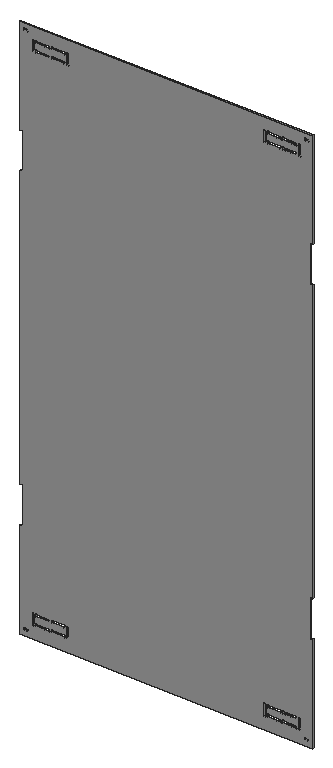
Revit family "ITK by ZPAS_ Панель разделительная боковая_ 42U-47U", category Обобщенные модели, Revit 2019
Family settings
  Может служить основой для арматурных стержней = Нет
  Размер круглого соединителя = Использовать диаметр
  Тип детали = Нормальный
  На основе рабочей плоскости = Нет
  Всегда вертикально = Да
  При загрузке вырезать с полостями = Нет
  Общий = Нет
  Точка расчета площади = Нет
Parameters (values of type "В2250хШ1200хЧерная")
  Ширина = 1200 mm
  Установочная глубина для монтажа шкафа = 1200 mm
  Степень защиты = ""
  Материал = Окраска - RAL 9005
  Изготовитель = "ITK"  # constant formula
  Дата изменения = ""
  Тип монтажа = ""  # constant formula
  Высота = 2250 mm
  URL = "https://www.iek.ru/"
  KSI_CPr_Строительные изделия = "61.1.04.08"  # constant formula
  KSI_CMa_Строительные материалы = "10.03.02.06"  # constant formula
  IEK_Цена за единицу = 27617.83
  IEK_Поиск в таблице имен = ""
  IEK_Описание = "Панели-перегородки между шкафами можно установить на любом этапе эксплуатации. Содержит четыре кабельных отверстия 150x45 мм, закрытых выламываемыми заглушками, и четыре выреза под пластины для соединения шкафов. Специально изогнутые края нижней и боковых сторон перегородки облегчают ее установку между каркасами соседних шкафов. Расстояние между шкафами, необходимое для установки перегородки, составляет всего лишь 2 мм. Перегородка доступна в двух вариантах, отличающихся высотой: - перегородка типа C – для шкафов на ножках; - перегородка типа D – для шкафов без ножек."
  IEK_URL = "https://www.itk-group.ru/produktsiya/catalog/oborudovanie_telekommunikatsionnoe/kompleksnye_resheniya_dlya_tsod/shkafy_i_aksessuary_dlya_tsod/komplektuyushchie_i_aksessuary_dlya_shkafov_itk_by_zpas/paneli_peregorodki_itk_by_zpas/itk_by_zpas_panel_razdelitelnaya_bokovaya_47u_tip_d_1200_chernaya"
  ADSK_Примечание = ""
  ADSK_Позиция [instance] = ""
  ADSK_Наименование = "ITK by ZPAS Панель разделительная боковая 47U тип D 1200 черная"
  ADSK_Материал обозначение = ""
  ADSK_Материал наименование = "Листовая сталь"  # constant formula
  ADSK_Масса = 36.5
  ADSK_Марка = "by ZPAS"  # constant formula
  ADSK_Код изделия = "ZP-SP05-47U-D-1200"
  ADSK_Завод-изготовитель = "IEK"  # constant formula
  ADSK_Единица измерения = "шт"  # constant formula
  ADSK_Группирование = "I. ЩИТЫ И ПУЛЬТЫ"  # constant formula
  ADSK_Версия семейства = "1.0"  # constant formula
  ADSK_Версия Revit = "2019"  # constant formula
  ADSK_URL страницы изделия = "https://www.itk-group.ru/produktsiya/catalog/oborudovanie_telekommunikatsionnoe/kompleksnye_resheniya_dlya_tsod/shkafy_i_aksessuary_dlya_tsod/komplektuyushchie_i_aksessuary_dlya_shkafov_itk_by_zpas/paneli_peregorodki_itk_by_zpas/?pagec=100"
Types (24, lengths in mm): name | Ширина | Установочная глубина для монтажа шкафа | Материал | Высота | IEK_Цена за единицу | IEK_URL | ADSK_Наименование | ADSK_Масса | ADSK_Код изделия
  В2000хШ1000хЧерная | 1000 | 1000 | Окраска - RAL 9005 | 2000 | 21821.54 | "https://www.itk-group.ru/produktsiya/catalog/oborudovanie_telekommunikatsionnoe/kompleksnye_resheniya_dlya_tsod/shkafy_i_aksessuary_dlya_tsod/komplektuyushchie_i_aksessuary_dlya_shkafov_itk_by_zpas/paneli_peregorodki_itk_by_zpas/itk_by_zpas_panel_razdelitelnaya_bokovaya_42u_tip_c_1000_chernaya" | "ITK by ZPAS Панель разделительная боковая 42U тип C 1000 черная" | 33.5 | "ZP-SP05-42U-C-1000"
  В2000хШ1200хЧерная | 1200 | 1200 | Окраска - RAL 9005 | 2000 | 24065.64 | "https://www.itk-group.ru/produktsiya/catalog/oborudovanie_telekommunikatsionnoe/kompleksnye_resheniya_dlya_tsod/shkafy_i_aksessuary_dlya_tsod/komplektuyushchie_i_aksessuary_dlya_shkafov_itk_by_zpas/paneli_peregorodki_itk_by_zpas/itk_by_zpas_panel_razdelitelnaya_bokovaya_42u_tip_c_1200_chernaya" | "ITK by ZPAS Панель разделительная боковая 42U тип C 1200 черная" | 34.5 | "ZP-SP05-42U-C-1200"
  В2050хШ1000хЧерная | 1000 | 1000 | Окраска - RAL 9005 | 2050 | 21760.6 | "https://www.itk-group.ru/produktsiya/catalog/oborudovanie_telekommunikatsionnoe/kompleksnye_resheniya_dlya_tsod/shkafy_i_aksessuary_dlya_tsod/komplektuyushchie_i_aksessuary_dlya_shkafov_itk_by_zpas/paneli_peregorodki_itk_by_zpas/itk_by_zpas_panel_razdelitelnaya_bokovaya_42u_tip_d_1000_chernaya" | "ITK by ZPAS Панель разделительная боковая 42U тип D 1000 черная" | 33.5 | "ZP-SP05-42U-D-1000"
  В2050хШ1200хЧерная | 1200 | 1200 | Окраска - RAL 9005 | 2050 | 24100.96 | "https://www.itk-group.ru/produktsiya/catalog/oborudovanie_telekommunikatsionnoe/kompleksnye_resheniya_dlya_tsod/shkafy_i_aksessuary_dlya_tsod/komplektuyushchie_i_aksessuary_dlya_shkafov_itk_by_zpas/paneli_peregorodki_itk_by_zpas/itk_by_zpas_panel_razdelitelnaya_bokovaya_42u_tip_d_1200_chernaya" | "ITK by ZPAS Панель разделительная боковая 42U тип D 1200 черная" | 34.5 | "ZP-SP05-42U-D-1200"
  В2120хШ1000хЧерная | 1000 | 1000 | Окраска - RAL 9005 | 2120 | 23319.5 | "https://www.itk-group.ru/produktsiya/catalog/oborudovanie_telekommunikatsionnoe/kompleksnye_resheniya_dlya_tsod/shkafy_i_aksessuary_dlya_tsod/komplektuyushchie_i_aksessuary_dlya_shkafov_itk_by_zpas/paneli_peregorodki_itk_by_zpas/itk_by_zpas_panel_razdelitelnaya_bokovaya_45u_tip_c_1000_chernaya" | "ITK by ZPAS Панель разделительная боковая 45U тип C 1000 черная" | 34.5 | "ZP-SP05-45U-C-1000"
  В2120хШ1200хЧерная | 1200 | 1200 | Окраска - RAL 9005 | 2120 | 26107.64 | "https://www.itk-group.ru/produktsiya/catalog/oborudovanie_telekommunikatsionnoe/kompleksnye_resheniya_dlya_tsod/shkafy_i_aksessuary_dlya_tsod/komplektuyushchie_i_aksessuary_dlya_shkafov_itk_by_zpas/paneli_peregorodki_itk_by_zpas/itk_by_zpas_panel_razdelitelnaya_bokovaya_45u_tip_c_1200_chernaya" | "ITK by ZPAS Панель разделительная боковая 45U тип C 1200 черная" | 35.5 | "ZP-SP05-45U-C-1200"
  В2170хШ1000хЧерная | 1000 | 1000 | Окраска - RAL 9005 | 2170 | 23319.5 | "https://www.itk-group.ru/produktsiya/catalog/oborudovanie_telekommunikatsionnoe/kompleksnye_resheniya_dlya_tsod/shkafy_i_aksessuary_dlya_tsod/komplektuyushchie_i_aksessuary_dlya_shkafov_itk_by_zpas/paneli_peregorodki_itk_by_zpas/itk_by_zpas_panel_razdelitelnaya_bokovaya_45u_tip_d_1000_chernaya" | "ITK by ZPAS Панель разделительная боковая 45U тип D 1000 черная" | 34.5 | "ZP-SP05-45U-D-1000"
  В2170хШ1200хЧерная | 1200 | 1200 | Окраска - RAL 9005 | 2170 | 26107.64 | "https://www.itk-group.ru/produktsiya/catalog/oborudovanie_telekommunikatsionnoe/kompleksnye_resheniya_dlya_tsod/shkafy_i_aksessuary_dlya_tsod/komplektuyushchie_i_aksessuary_dlya_shkafov_itk_by_zpas/paneli_peregorodki_itk_by_zpas/itk_by_zpas_panel_razdelitelnaya_bokovaya_45u_tip_d_1200_chernaya" | "ITK by ZPAS Панель разделительная боковая 45U тип D 1200 черная" | 35.5 | "ZP-SP05-45U-D-1200"
  В2200хШ1000хЧерная | 1000 | 1000 | Окраска - RAL 9005 | 2200 | 24365.89 | "https://www.itk-group.ru/produktsiya/catalog/oborudovanie_telekommunikatsionnoe/kompleksnye_resheniya_dlya_tsod/shkafy_i_aksessuary_dlya_tsod/komplektuyushchie_i_aksessuary_dlya_shkafov_itk_by_zpas/paneli_peregorodki_itk_by_zpas/itk_by_zpas_panel_razdelitelnaya_bokovaya_47u_tip_c_1000_chernaya" | "ITK by ZPAS Панель разделительная боковая 47U тип C 1000 черная" | 35.5 | "ZP-SP05-47U-C-1000"
  В2200хШ1200хЧерная | 1200 | 1200 | Окраска - RAL 9005 | 2200 | 27617.83 | "https://www.itk-group.ru/produktsiya/catalog/oborudovanie_telekommunikatsionnoe/kompleksnye_resheniya_dlya_tsod/shkafy_i_aksessuary_dlya_tsod/komplektuyushchie_i_aksessuary_dlya_shkafov_itk_by_zpas/paneli_peregorodki_itk_by_zpas/itk_by_zpas_panel_razdelitelnaya_bokovaya_47u_tip_c_1200_chernaya" | "ITK by ZPAS Панель разделительная боковая 47U тип C 1200 черная" | 36.5 | "ZP-SP05-47U-C-1200"
  В2250хШ1000хЧерная | 1000 | 1000 | Окраска - RAL 9005 | 2250 | 24365.89 | "https://www.itk-group.ru/produktsiya/catalog/oborudovanie_telekommunikatsionnoe/kompleksnye_resheniya_dlya_tsod/shkafy_i_aksessuary_dlya_tsod/komplektuyushchie_i_aksessuary_dlya_shkafov_itk_by_zpas/paneli_peregorodki_itk_by_zpas/itk_by_zpas_panel_razdelitelnaya_bokovaya_47u_tip_d_1000_chernaya" | "ITK by ZPAS Панель разделительная боковая 47U тип D 1000 черная" | 35.5 | "ZP-SP05-47U-D-1000"
  В2250хШ1200хЧерная | 1200 | 1200 | Окраска - RAL 9005 | 2250 | 27617.83 | "https://www.itk-group.ru/produktsiya/catalog/oborudovanie_telekommunikatsionnoe/kompleksnye_resheniya_dlya_tsod/shkafy_i_aksessuary_dlya_tsod/komplektuyushchie_i_aksessuary_dlya_shkafov_itk_by_zpas/paneli_peregorodki_itk_by_zpas/itk_by_zpas_panel_razdelitelnaya_bokovaya_47u_tip_d_1200_chernaya" | "ITK by ZPAS Панель разделительная боковая 47U тип D 1200 черная" | 36.5 | "ZP-SP05-47U-D-1200"
  В2000хШ1000хСерая | 1000 | 1000 | Окраска - RAL 7035 | 2000 | 21821.54 | "https://www.itk-group.ru/produktsiya/catalog/oborudovanie_telekommunikatsionnoe/kompleksnye_resheniya_dlya_tsod/shkafy_i_aksessuary_dlya_tsod/komplektuyushchie_i_aksessuary_dlya_shkafov_itk_by_zpas/paneli_peregorodki_itk_by_zpas/itk_by_zpas_panel_razdelitelnaya_bokovaya_42u_tip_c_1000_seraya" | "ITK by ZPAS Панель разделительная боковая 42U тип C 1000 серая" | 33.5 | "ZP-SP35-42U-C-1000"
  В2000хШ1200хСерая | 1200 | 1200 | Окраска - RAL 7035 | 2000 | 24065.64 | "https://www.itk-group.ru/produktsiya/catalog/oborudovanie_telekommunikatsionnoe/kompleksnye_resheniya_dlya_tsod/shkafy_i_aksessuary_dlya_tsod/komplektuyushchie_i_aksessuary_dlya_shkafov_itk_by_zpas/paneli_peregorodki_itk_by_zpas/itk_by_zpas_panel_razdelitelnaya_bokovaya_42u_tip_c_1200_seraya" | "ITK by ZPAS Панель разделительная боковая 42U тип C 1200 серая" | 34.5 | "ZP-SP35-42U-C-1200"
  В2050хШ1000хСерая | 1000 | 1000 | Окраска - RAL 7035 | 2050 | 21760.6 | "https://www.itk-group.ru/produktsiya/catalog/oborudovanie_telekommunikatsionnoe/kompleksnye_resheniya_dlya_tsod/shkafy_i_aksessuary_dlya_tsod/komplektuyushchie_i_aksessuary_dlya_shkafov_itk_by_zpas/paneli_peregorodki_itk_by_zpas/itk_by_zpas_panel_razdelitelnaya_bokovaya_42u_tip_d_1000_seraya" | "ITK by ZPAS Панель разделительная боковая 42U тип D 1000 серая" | 33.5 | "ZP-SP35-42U-D-1000"
  В2050хШ1200хСерая | 1200 | 1200 | Окраска - RAL 7035 | 2050 | 24100.96 | "https://www.itk-group.ru/produktsiya/catalog/oborudovanie_telekommunikatsionnoe/kompleksnye_resheniya_dlya_tsod/shkafy_i_aksessuary_dlya_tsod/komplektuyushchie_i_aksessuary_dlya_shkafov_itk_by_zpas/paneli_peregorodki_itk_by_zpas/itk_by_zpas_panel_razdelitelnaya_bokovaya_42u_tip_d_1200_seraya" | "ITK by ZPAS Панель разделительная боковая 42U тип D 1200 серая" | 34.5 | "ZP-SP35-42U-D-1200"
  В2120хШ1000хСерая | 1000 | 1000 | Окраска - RAL 7035 | 2120 | 23319.5 | "https://www.itk-group.ru/produktsiya/catalog/oborudovanie_telekommunikatsionnoe/kompleksnye_resheniya_dlya_tsod/shkafy_i_aksessuary_dlya_tsod/komplektuyushchie_i_aksessuary_dlya_shkafov_itk_by_zpas/paneli_peregorodki_itk_by_zpas/itk_by_zpas_panel_razdelitelnaya_bokovaya_45u_tip_c_1000_seraya" | "ITK by ZPAS Панель разделительная боковая 45U тип C 1000 серая" | 34.5 | "ZP-SP35-45U-C-1000"
  В2120хШ1200хСерая | 1200 | 1200 | Окраска - RAL 7035 | 2120 | 26107.64 | "https://www.itk-group.ru/produktsiya/catalog/oborudovanie_telekommunikatsionnoe/kompleksnye_resheniya_dlya_tsod/shkafy_i_aksessuary_dlya_tsod/komplektuyushchie_i_aksessuary_dlya_shkafov_itk_by_zpas/paneli_peregorodki_itk_by_zpas/itk_by_zpas_panel_razdelitelnaya_bokovaya_45u_tip_c_1200_seraya" | "ITK by ZPAS Панель разделительная боковая 45U тип C 1200 серая" | 35.5 | "ZP-SP35-45U-C-1200"
  В2170хШ1000хСерая | 1000 | 1000 | Окраска - RAL 7035 | 2170 | 23319.5 | "https://www.itk-group.ru/produktsiya/catalog/oborudovanie_telekommunikatsionnoe/kompleksnye_resheniya_dlya_tsod/shkafy_i_aksessuary_dlya_tsod/komplektuyushchie_i_aksessuary_dlya_shkafov_itk_by_zpas/paneli_peregorodki_itk_by_zpas/itk_by_zpas_panel_razdelitelnaya_bokovaya_45u_tip_d_1000_seraya" | "ITK by ZPAS Панель разделительная боковая 45U тип D 1000 серая" | 34.5 | "ZP-SP35-45U-D-1000"
  В2170хШ1200хСерая | 1200 | 1200 | Окраска - RAL 7035 | 2170 | 26107.64 | "https://www.itk-group.ru/produktsiya/catalog/oborudovanie_telekommunikatsionnoe/kompleksnye_resheniya_dlya_tsod/shkafy_i_aksessuary_dlya_tsod/komplektuyushchie_i_aksessuary_dlya_shkafov_itk_by_zpas/paneli_peregorodki_itk_by_zpas/itk_by_zpas_panel_razdelitelnaya_bokovaya_45u_tip_d_1200_seraya" | "ITK by ZPAS Панель разделительная боковая 45U тип D 1200 серая" | 35.5 | "ZP-SP35-45U-D-1200"
  В2200хШ1000хСерая | 1000 | 1000 | Окраска - RAL 7035 | 2200 | 24365.89 | "https://www.itk-group.ru/produktsiya/catalog/oborudovanie_telekommunikatsionnoe/kompleksnye_resheniya_dlya_tsod/shkafy_i_aksessuary_dlya_tsod/komplektuyushchie_i_aksessuary_dlya_shkafov_itk_by_zpas/paneli_peregorodki_itk_by_zpas/itk_by_zpas_panel_razdelitelnaya_bokovaya_47u_tip_c_1000_seraya" | "ITK by ZPAS Панель разделительная боковая 47U тип C 1000 серая" | 35.5 | "ZP-SP35-47U-C-1000"
  В2200хШ1200хСерая | 1200 | 1200 | Окраска - RAL 7035 | 2200 | 27617.83 | "https://www.itk-group.ru/produktsiya/catalog/oborudovanie_telekommunikatsionnoe/kompleksnye_resheniya_dlya_tsod/shkafy_i_aksessuary_dlya_tsod/komplektuyushchie_i_aksessuary_dlya_shkafov_itk_by_zpas/paneli_peregorodki_itk_by_zpas/itk_by_zpas_panel_razdelitelnaya_bokovaya_47u_tip_c_1200_seraya" | "ITK by ZPAS Панель разделительная боковая 47U тип C 1200 серая" | 36.5 | "ZP-SP35-47U-C-1200"
  В2250хШ1000хСерая | 1000 | 1000 | Окраска - RAL 7035 | 2250 | 24365.89 | "https://www.itk-group.ru/produktsiya/catalog/oborudovanie_telekommunikatsionnoe/kompleksnye_resheniya_dlya_tsod/shkafy_i_aksessuary_dlya_tsod/komplektuyushchie_i_aksessuary_dlya_shkafov_itk_by_zpas/paneli_peregorodki_itk_by_zpas/itk_by_zpas_panel_razdelitelnaya_bokovaya_47u_tip_d_1000_seraya" | "ITK by ZPAS Панель разделительная боковая 47U тип D 1000 серая" | 35.5 | "ZP-SP35-47U-D-1000"
  В2250хШ1200хСерая | 1200 | 1200 | Окраска - RAL 7035 | 2250 | 27617.83 | "https://www.itk-group.ru/produktsiya/catalog/oborudovanie_telekommunikatsionnoe/kompleksnye_resheniya_dlya_tsod/shkafy_i_aksessuary_dlya_tsod/komplektuyushchie_i_aksessuary_dlya_shkafov_itk_by_zpas/paneli_peregorodki_itk_by_zpas/itk_by_zpas_panel_razdelitelnaya_bokovaya_47u_tip_d_1200_seraya" | "ITK by ZPAS Панель разделительная боковая 47U тип D 1200 серая" | 36.5 | "ZP-SP35-47U-D-1200"
Reference planes
  plane 1 "По центру (Вперед/Назад)": y = 0
  plane 2: z = 0
  plane 3 "По центру (Влево/Вправо)": x = 0
  plane 4: x = -600
  plane 5: x = 600
  plane 6: z = 2250
  plane 7: z = 1125
  plane 8: z = 2200
  plane 9: z = 2190
  plane 10: z = 2165
  plane 11: z = 2155
  plane 12: x = -550
  plane 13: z = 2225
  plane 14: x = -575
Forms (mm)
  Extrusion 1, solid, material "Окраска - RAL 9005" <- "Материал", detail levels fine
    sketch origin (0, 0, 0) x (1, 0, 0) y (0, 0, 1)
      loop
        line (600, 2250) -> (-600, 2250) -> (-600, 1850) -> (-590, 1850) -> (-590, 1700) -> (-600, 1700) -> (-600, 550) -> (-590, 550) -> (-590, 400) -> (-600, 400) -> (-600, 0) -> (600, 0) -> (600, 400) -> (590, 400) -> (590, 550) -> (600, 550) -> (600, 1700) -> (590, 1700) -> (590, 1850) -> (600, 1850) -> (600, 2250)
      loop
        line (-535, 2200) -> (-535, 2190) -> (-477.5, 2190) -> (-477.5, 2200) -> (-535, 2200)
      loop
        line (-550, 2155) -> (-540, 2155) -> (-540, 2200) -> (-550, 2200) -> (-550, 2155)
      loop
        line (-477.5, 2155) -> (-477.5, 2165) -> (-535, 2165) -> (-535, 2155) -> (-477.5, 2155)
      loop
        line (-415, 2200) -> (-472.5, 2200) -> (-472.5, 2190) -> (-415, 2190) -> (-415, 2200)
      loop
        line (-400, 2155) -> (-400, 2200) -> (-410, 2200) -> (-410, 2155) -> (-400, 2155)
      loop
        line (-472.5, 2155) -> (-415, 2155) -> (-415, 2165) -> (-472.5, 2165) -> (-472.5, 2155)
      loop
        line (535, 2200) -> (477.5, 2200) -> (477.5, 2190) -> (535, 2190) -> (535, 2200)
      loop
        line (550, 2155) -> (550, 2200) -> (540, 2200) -> (540, 2155) -> (550, 2155)
      loop
        line (477.5, 2155) -> (535, 2155) -> (535, 2165) -> (477.5, 2165) -> (477.5, 2155)
      loop
        line (415, 2200) -> (415, 2190) -> (472.5, 2190) -> (472.5, 2200) -> (415, 2200)
      loop
        line (400, 2155) -> (410, 2155) -> (410, 2200) -> (400, 2200) -> (400, 2155)
      loop
        line (472.5, 2155) -> (472.5, 2165) -> (415, 2165) -> (415, 2155) -> (472.5, 2155)
      loop
        line (535, 50) -> (535, 60) -> (477.5, 60) -> (477.5, 50) -> (535, 50)
      loop
        line (550, 95) -> (540, 95) -> (540, 50) -> (550, 50) -> (550, 95)
      loop
        line (477.5, 95) -> (477.5, 85) -> (535, 85) -> (535, 95) -> (477.5, 95)
      loop
        line (415, 50) -> (472.5, 50) -> (472.5, 60) -> (415, 60) -> (415, 50)
      loop
        line (400, 95) -> (400, 50) -> (410, 50) -> (410, 95) -> (400, 95)
      loop
        line (472.5, 95) -> (415, 95) -> (415, 85) -> (472.5, 85) -> (472.5, 95)
      loop
        line (-535, 50) -> (-477.5, 50) -> (-477.5, 60) -> (-535, 60) -> (-535, 50)
      loop
        line (-550, 95) -> (-550, 50) -> (-540, 50) -> (-540, 95) -> (-550, 95)
      loop
        line (-477.5, 95) -> (-535, 95) -> (-535, 85) -> (-477.5, 85) -> (-477.5, 95)
      loop
        line (-415, 50) -> (-415, 60) -> (-472.5, 60) -> (-472.5, 50) -> (-415, 50)
      loop
        line (-400, 95) -> (-410, 95) -> (-410, 50) -> (-400, 50) -> (-400, 95)
      loop
        line (-472.5, 95) -> (-472.5, 85) -> (-415, 85) -> (-415, 95) -> (-472.5, 95)
      loop
        arc (-580, 2229) -> (-584, 2225) -> (-580, 2221) r 4
        line (-580, 2221) -> (-570, 2221)
        arc (-570, 2221) -> (-566, 2225) -> (-570, 2229) r 4
        line (-570, 2229) -> (-580, 2229)
      loop
        line (580, 2229) -> (570, 2229)
        arc (570, 2229) -> (566, 2225) -> (570, 2221) r 4
        line (570, 2221) -> (580, 2221)
        arc (580, 2221) -> (584, 2225) -> (580, 2229) r 4
      loop
        line (-580, 21) -> (-570, 21)
        arc (-570, 21) -> (-566, 25) -> (-570, 29) r 4
        line (-570, 29) -> (-580, 29)
        arc (-580, 29) -> (-584, 25) -> (-580, 21) r 4
      loop
        arc (580, 21) -> (584, 25) -> (580, 29) r 4
        line (580, 29) -> (570, 29)
        arc (570, 29) -> (566, 25) -> (570, 21) r 4
        line (570, 21) -> (580, 21)
    from 0 to -1.5
  Extrusion 2, solid, material "Условный материал-отделка", detail levels coarse+medium
    sketch origin (0, 0, 0) x (1, 0, 0) y (0, 1, 0)
      loop
        line (-600, 1.5) -> (-600, 0) -> (600, 0) -> (600, 1.5) -> (-600, 1.5)
    from 0 to 2250 <- "Высота"
Dimensions and locks
  equal spacing: plane 5, plane 3 "По центру (Влево/Вправо)", plane 4
  "Ширина": plane 5 to plane 4
  "Высота": plane 6 to level
  equal spacing: plane 6, plane 7, level
  plane 6 to Extrusion 1 sketch curve to Extrusion 1 sketch curve = 400 mm, 150 mm locked
  level to Extrusion 1 sketch curve to Extrusion 1 sketch curve = 400 mm locked, 150 mm locked  (x2)
  plane 6 to Extrusion 1 sketch curve to Extrusion 1 sketch curve = 400 mm locked, 150 mm locked
  plane 6 to plane 8 to plane 9 to plane 10 to plane 11 = 50 mm locked, 10 mm locked, 25 mm locked, 10 mm locked
  Extrusion 1 sketch curve to Extrusion 1 sketch curve to Extrusion 1 sketch curve to Extrusion 1 sketch curve to Extrusion 1 sketch curve to Extrusion 1 sketch curve to Extrusion 1 sketch curve to plane 12 to plane 4 = 10 mm locked, 5 mm locked, 57.5 mm locked, 5 mm locked, 57.5 mm locked, 5 mm locked, 10 mm locked, 50 mm locked
  Extrusion 1 sketch curve to Extrusion 1 sketch curve to Extrusion 1 sketch curve to Extrusion 1 sketch curve to Extrusion 1 sketch curve to Extrusion 1 sketch curve to Extrusion 1 sketch curve = 10 mm locked, 5 mm locked, 57.5 mm locked, 5 mm locked, 57.5 mm locked, 5 mm locked  (x3)
  locked: plane 14 to plane 4 at 25
  locked: plane 6 to plane 13 at 25
  plane 6 to Extrusion 1 sketch curve to Extrusion 1 sketch curve = 21 mm locked, 8 mm locked
  locked: Extrusion 1 sketch curve to Extrusion 1 sketch curve at 8  (x3)
  aligned and locked: level to plane 2
  aligned and locked: Extrusion 1 sketch curve to plane 5  (x3)
  aligned and locked: plane 4 to Extrusion 1 sketch curve  (x2)
  aligned and locked: plane 8 to Extrusion 1 sketch curve  (x2)
  aligned and locked: Extrusion 1 sketch curve to plane 8
  aligned and locked: Extrusion 1 sketch curve to plane 9
  aligned and locked: plane 9 to Extrusion 1 sketch curve
  aligned and locked: plane 10 to Extrusion 1 sketch curve
  aligned and locked: Extrusion 1 sketch curve to plane 10
  aligned and locked: Extrusion 1 sketch curve to plane 11  (x2)
  aligned and locked: plane 11 to Extrusion 1 sketch curve  (x2)
  aligned and locked: plane 12 to Extrusion 1 sketch curve
  aligned and locked: Extrusion 2 sketch curve to plane 4
  aligned and locked: Extrusion 2 sketch curve to plane 1 "По центру (Вперед/Назад)"
  aligned and locked: Extrusion 2 sketch curve to plane 5
Automatic sketch dimensions
  Extrusion 1 sketch curve to plane 4 = 0 mm
  Extrusion 1 sketch curve to plane 12 = 0 mm
  Extrusion 1 sketch curve to plane 11 = 0 mm  (x4)
  Extrusion 1 sketch curve to plane 8 = 0 mm  (x5)
  Extrusion 1 sketch curve to plane 9 = 0 mm  (x2)
  Extrusion 1 sketch curve to plane 10 = 0 mm  (x2)
  Extrusion 1 sketch curve to plane 13 = 0 mm
  Extrusion 1 sketch curve to level = 0 mm
  Extrusion 1 sketch curve to plane 6 = 0 mm
  plane 4 to Extrusion 1 sketch curve = 10 mm
  Extrusion 1 sketch curve to Extrusion 1 sketch curve = 10 mm  (x15)
  Extrusion 1 sketch curve to plane 14 = 5 mm  (x2)
  plane 14 to Extrusion 1 sketch curve = 5 mm  (x2)
  Extrusion 1 sketch curve to Extrusion 1 sketch curve = 5 mm  (x12)
  Extrusion 1 sketch curve to Extrusion 1 sketch curve = 0 mm  (x15)
  Extrusion 1 sketch curve to plane 5 = 200 mm  (x2)
  level to Extrusion 1 sketch curve = 95 mm
  Extrusion 1 sketch curve to plane 5 = 30 mm  (x2)
  Extrusion 1 sketch curve to plane 5 = 10 mm
  level to Extrusion 1 sketch curve = 21 mm  (x2)
  level to Extrusion 1 sketch curve = 50 mm  (x2)
  Extrusion 1 sketch curve to Extrusion 1 sketch curve = 21 mm
  Extrusion 1 sketch curve to Extrusion 1 sketch curve = 25 mm
  Extrusion 2 sketch curve to plane 1 "По центру (Вперед/Назад)" = 1.5 mm
